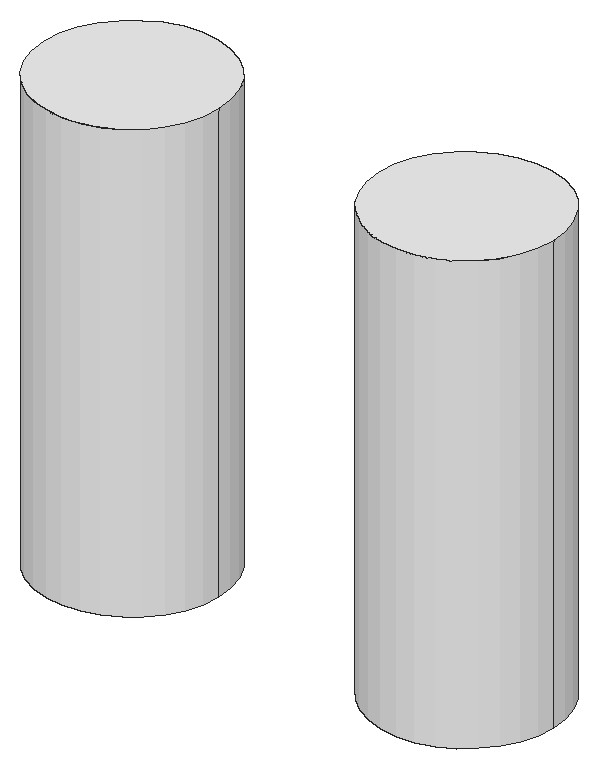
Revit family "514822930037(2020)", category Plumbing Fixtures, Revit 2018
Family settings
  Round Connector Dimension = Use Diameter
  Part Type = Normal
  OmniClass Number = 23.45.55.00
  OmniClass Title = Sanitary Faucets, Wastes
  Work Plane-Based = No
  Always vertical = Yes
  Cut with Voids When Loaded = No
  Shared = No
  Room Calculation Point = No
Parameters (values of type "514822930037 Kitchen faucet ")
  WorkingPressure = "50 - 1000 kPa"
  Working Pressure = "50 - 1000 kPa"
  WarrantyStartDate [instance] = "n/a"
  WarrantyGuarantorParts = "n/a"
  WarrantyGuarantorLabor = "n/a"
  WarrantyDurationUnit = "Year"
  WarrantyDurationParts = "n/a"
  WarrantyDurationLabor = "n/a"
  WarrantyDescription = "http://warranty.hansa.com"
  Warranty Information URL = "http://warranty.hansa.com"
  VersionDate = "01/07/2022"
  Version = "3"  # constant formula
  ValvePattern = "n/a"
  ValveOperation = "n/a"
  ValveMechanism = "n/a"
  Uniclass2015Reference = "Pr_40_20_87_96"
  Uniclass2015Description = "Washbasin manual water supply sets"
  Uniclass2 = "Pr_40_30_96_96"
  URL REACH = "http://static.hansa.com/doc/reach"
  URL Global Mark = "http://static.hansa.com/Globalmark/514822930037"
  URL Declaration of Conformity = "http://static.hansa.com/DoC/514822930037"
  URL = ""
  UNSPSC Class Number = "30181700 Faucets or taps"
  Type Comments = ""
  TestPressure = "n/a"
  Temperature Adjustments = "Limitation option for maximum temperature and flow-rate ;Adjustable hot water stop (included, retrofittable)"
  Temperature = "Temperature limiter;Temperature limiter (retrofittable)"
  Technical DataSheet URL = "http://www.hansa.com/datasheet/514822930037/en"
  TagNumber [instance] = "n/a"
  SustainabilityPerformance = "n/a"
  Surface treatment = "Chrome"
  Spout Type = "Swivel spout;Swivel range limiting option"
  Spout Swivel Range = "120°"
  Spout Projection = "216 mm"
  Spare-Part Information URL = "http://static.hansa.com/sp/514822930037"
  Size = "51x255x168 mm"
  Shape = "Sculptured"
  SerialNumber [instance] = "n/a"
  Sales Package dimensions (LxWxH) = "362 x 278 x 63"
  Revision = "3"  # constant formula
  ReplacementCost = "n/a"
  ProductInformation = "n/a"
  Product URL = "http://static.hansa.com/514822930037"
  Product Image URL = "http://static.hansa.com/image/514822930037"
  Product Family = "HANSAPOLO "
  Product Code = "514822930037"
  OperatingMechanismMaterial = "n/a"
  NominalWidth = 51 mm
  NominalHeight = 168 mm
  NominalDepth = 255 mm
  Name_en = "514822930037 Kitchen faucet"
  Name = "514822930037 Kitchen faucet"
  NBSReference = "45-35-70/371"
  NBSDescription = "Water supply fittings for wash basins and troughs"
  Mounting Holes = "1 hole"
  ModelReference = "514822930037"
  ModelNumber = "n/a"
  Model = "514822930037 Kitchen faucet"
  Mobile Product Information URL = "http://mpi.hansa.com/514822930037"
  Mechanical Parts = "ø 35 mm ceramic cartridge for flow and temperature control"
  Max. Hot Water Supply = 70 °C
  Material = "Brass"
  Market = "International;Australia"
  ManufacturerURL = "http://www.hansa.com"
  ManufacturerName = "HANSA"
  Manufacturer = "HANSA"
  Lever Handle = "Hot/Cold symbols;Single operating lever/handle"
  Interactive AR View URL = "https://static.hansa.com/AR/514822930037"
  InstallationDate [instance] = "n/a"
  Installation and Maintenance Guide URL = "http://static.hansa.com/manual/514822930037"
  Installation Type = "Deck mounted"
  InletConnectionSize = 12 mm
  IfcExportType = "FAUCET"  # constant formula
  IfcExportAs = "IfcValveType"  # constant formula
  Group = "Kitchen faucet"
  Grade = "n/a"
  FlowCoefficient = 0
  Flow Rate At 300kPa With Flow Controller = 0.12 L/s
  Flow Drawing URL = "http://static.hansa.com/flowchart/514822930037"
  Finish = "Polished"
  Features = "Single-lever"
  FaucetMainMaterial = Brass
  FDV Document URL = "http://www.hansa.com/datasheet/514822930037/en/fdv"
  ExpectedLife = "n/a"
  ETIM Class Number = "EC011431 Kitchen mixing tap"
  EN Standard = "EN 817"
  EAN Number = "4057304002878"
  DurationUnit = "Year"
  Dimension Drawing URL = "http://static.hansa.com/dimdrw/514822930037"
  Description = ""
  DefaultElevation [instance] = 900 mm
  Constituents = "n/a"
  Connection Size = "G1/2"
  Connection = "Flexible inlet pipes"
  Color = "Chrome"
  CodePerformance = "n/a"
  CloseOffRating = 0
  Certificate Global Mark = "GM-WM-040199-I02-R00"
  Category = "Kitchen"
  Catalog Drawing URL = "http://static.hansa.com/catdrw/514822930037"
  Brand = "HANSA"
  BodyMaterial = "Brass"
  Barcode [instance] = "n/a"
  Backflow Prevention EN1717 = "AA"
  BIMObjectName = "514822930037(2020)"
  Author = "BIMStone"
  AssetType = "Fixed"
  AssetIdentifier [instance] = "n/a"
  Aerator = "PCA® - constant flow rate regardless of pressure variations"
  Advanced Features = "Rapid installation system"
  AccessibilityPerformance = "n/a"
  3D View = "https://static.hansa.com/3D/514822930037"
  2D/3D/BIM Files URL = "http://static.hansa.com/bim/514822930037"
Reference planes
  plane 1 "Center (Front/Back)": y = 0
  plane 2: z = 0
  plane 3 "Center (Left/Right)": x = 0
  plane 4: x = -25.5
  plane 5: z = 1068
  plane 6: z = 900
  plane 7: z = 870
  plane 8: y = -255
  plane 9: x = 25.5
Forms (mm)
  Extrusion 1, solid, material "Brass" <- "FaucetMainMaterial"
    sketch origin (0, -3, 0) x (1, 0, 0) y (0, 1, 0)
      loop
        circle (-11.5, -22.5) r 6
      loop
        circle (11.5, -22.5) r 6
    from 870 to 900
  Extrusion 2, solid, material "Brass" <- "FaucetMainMaterial", detail levels medium
    sketch origin (0, 0, 0) x (0, 1, 0) y (0, 0, 1)
      loop
        line (0, 900) -> (0, 1058.08) -> (-61.322, 1065.36) -> (-111.697, 1068)
        arc (-111.697, 1068) -> (-112.791, 1067.626) -> (-113.167, 1066.532) r 1.316
        line (-113.167, 1066.532) -> (-112.909, 1064.448)
        arc (-112.909, 1064.448) -> (-111.629, 1061.855) -> (-109.013, 1060.622) r 4.388
        line (-109.013, 1060.622) -> (-51, 1054.525) -> (-51, 993.034)
        arc (-51, 993.034) -> (-52.761, 993.574) -> (-54.465, 994.275) r 19.937
        line (-54.465, 994.275) -> (-135.431, 1032.03)
        arc (-135.431, 1032.03) -> (-162.315, 1042.283) -> (-190.393, 1048.572) r 200
        line (-190.393, 1048.572) -> (-248.818, 1057.304)
        arc (-248.818, 1057.304) -> (-251.086, 1056.882) -> (-252.314, 1054.93) r 2.875
        line (-252.314, 1054.93) -> (-255, 1037.009) -> (-252.234, 1036.594) -> (-252.899, 1032.154) -> (-229.163, 1028.596) -> (-228.347, 1034.037) -> (-193.277, 1028.781)
        arc (-193.277, 1028.781) -> (-168.045, 1023.121) -> (-143.883, 1013.904) r 180
        line (-143.883, 1013.904) -> (-51, 970.592) -> (-51, 900) -> (0, 900)
    from 25.5 to -25.5
  Extrusion 3, solid, material "Brass", detail levels coarse
    sketch origin (0, 0, 0) x (1, 0, 0) y (0, 1, 0)
      loop
        line (-25.5, 0) -> (-25.5, -255) -> (25.5, -255) -> (25.5, 0) -> (-25.5, 0)
    from 900 to 1068
Lines and regions (mm)
  symbolic lines, detail levels medium+fine
    curve 1: line (0, 0, 900) -> (0, -51, 900)
    curve 2: line (0, -51, 900) -> (0, -51, 947.5)
    curve 3: line (0, -50.702, 970.453) -> (0, -143.883, 1013.904)
    curve 4: arc (0, -143.883, 1013.904) -> (0, -168.045, 1023.121) -> (0, -193.277, 1028.781) r 180
    curve 5: line (0, -193.277, 1028.781) -> (0, -225.171, 1033.561)
    curve 6: line (0, -229.163, 1028.596) -> (0, -228.497, 1033.037)
    curve 7: line (0, -252.234, 1036.594) -> (0, -252.899, 1032.154)
    curve 8: line (0, -252.899, 1032.154) -> (0, -229.163, 1028.596)
    curve 10: line (0, -225.321, 1032.561) -> (0, -225.171, 1033.561)
    curve 11: line (0, -252.234, 1036.594) -> (0, -255, 1037.009)
    curve 12: line (0, -255, 1037.009) -> (0, -252.314, 1054.93)
    curve 13: arc (0, -252.314, 1054.93) -> (0, -251.086, 1056.882) -> (0, -248.818, 1057.304) r 2.875
    curve 14: line (0, -248.818, 1057.304) -> (0, -190.393, 1048.572)
    curve 15: arc (0, -190.393, 1048.572) -> (0, -162.315, 1042.283) -> (0, -135.431, 1032.03) r 200
    curve 16: line (0, -135.431, 1032.03) -> (0, -54.465, 994.275)
    curve 17: arc (0, -54.465, 994.275) -> (0, -52.475, 993.474) -> (0, -50.41, 992.892) r 19.937
    curve 18: line (0, -50.007, 1023.96) -> (0, -50.41, 992.892)
    curve 19: line (0, -50.702, 970.453) -> (0, -51, 947.5)
    curve 20: line (0, 0, 900) -> (0, 0, 947.5)
    curve 21: line (0, -0.993, 1023.96) -> (0, 0, 947.5)
    curve 23: line (0, -228.497, 1033.037) -> (0, -225.321, 1032.561)
    curve 24: line (0, -0.993, 1023.96) -> (0, -2.721, 1023.96)
    curve 25: line (0, -49.846, 1026.8) -> (0, -48.006, 1026.8)
    curve 27: line (0, -48.304, 1023.96) -> (0, -48.006, 1026.8)
    curve 28: arc (0, -6.504, 1035.604) -> (0, -3.769, 1030.056) -> (0, -2.721, 1023.96) r 21.584
    curve 29: line (0, -49.846, 1026.8) -> (0, -48.267, 1049.382)
    curve 30: arc (0, -48.267, 1049.382) -> (0, -49.483, 1053.016) -> (0, -52.912, 1054.725) r 5.006
    curve 31: line (0, -52.912, 1054.725) -> (0, -109.013, 1060.622)
    curve 32: arc (0, -109.013, 1060.622) -> (0, -111.629, 1061.855) -> (0, -112.909, 1064.448) r 4.388
    curve 33: line (0, -112.909, 1064.448) -> (0, -113.167, 1066.532)
    curve 34: arc (0, -113.167, 1066.532) -> (0, -112.791, 1067.626) -> (0, -111.697, 1068) r 1.316
    curve 35: line (0, -111.697, 1068) -> (0, -61.322, 1065.36)
    curve 36: line (0, -61.322, 1065.36) -> (0, -4.446, 1058.607)
    curve 37: arc (0, -4.446, 1058.607) -> (0, -3.316, 1057.974) -> (0, -2.965, 1056.728) r 1.691
    curve 38: line (0, -2.965, 1056.728) -> (0, -1.647, 1037.869)
    curve 39: line (0, -6.504, 1035.604) -> (0, -1.647, 1037.869)
    curve 41: line (0, -48.304, 1023.96) -> (0, -50.007, 1023.96)
    curve 43: line (25.5, 0, 900) -> (-25.5, 0, 900)
    curve 44: line (-25.5, 0, 900) -> (-25.5, 0, 947.56)
    curve 45: line (-25.5, 0, 947.56) -> (-24.495, 0, 1023.96)
    curve 46: line (-24.362, 0, 1026.797) -> (-22.506, 0, 1026.797)
    curve 47: line (-24.495, 0, 1023.96) -> (-22.754, 0, 1023.96)
    curve 48: line (-24.362, 0, 1026.797) -> (-21.794, 0, 1058.814)
    curve 49: arc (-21.794, 0, 1058.814) -> (-21.406, 0, 1059.899) -> (-20.524, 0, 1060.641) r 2.211
    curve 50: arc (-20.524, 0, 1060.641) -> (-18.448, 0, 1061.525) -> (-16.319, 0, 1062.269) r 33.994
    curve 51: arc (-16.319, 0, 1062.269) -> (-15.779, 0, 1062.579) -> (-15.419, 0, 1063.089) r 1.442
    curve 52: arc (-15.419, 0, 1063.089) -> (-13.815, 0, 1065.638) -> (-11.468, 0, 1067.527) r 9.139
    curve 53: arc (-11.468, 0, 1067.527) -> (-10.657, 0, 1067.864) -> (-9.789, 0, 1068) r 3.707
    curve 54: line (-9.789, 0, 1068) -> (0, 0, 1068)
    curve 55: line (-22.506, 0, 1026.797) -> (-22.754, 0, 1023.96)
    curve 59: line (25.5, 0, 900) -> (25.5, 0, 947.56)
    curve 60: line (25.5, 0, 947.56) -> (24.495, 0, 1023.96)
    curve 61: line (24.362, 0, 1026.797) -> (22.506, 0, 1026.797)
    curve 62: line (24.495, 0, 1023.96) -> (22.754, 0, 1023.96)
    curve 63: line (24.362, 0, 1026.797) -> (21.794, 0, 1058.814)
    curve 64: arc (21.794, 0, 1058.814) -> (21.406, 0, 1059.899) -> (20.524, 0, 1060.641) r 2.211
    curve 65: arc (20.524, 0, 1060.641) -> (18.448, 0, 1061.525) -> (16.319, 0, 1062.269) r 33.994
    curve 66: arc (16.319, 0, 1062.269) -> (15.779, 0, 1062.579) -> (15.419, 0, 1063.089) r 1.442
    curve 67: arc (15.419, 0, 1063.089) -> (13.815, 0, 1065.638) -> (11.468, 0, 1067.527) r 9.139
    curve 68: arc (11.468, 0, 1067.527) -> (10.657, 0, 1067.864) -> (9.789, 0, 1068) r 3.707
    curve 69: line (9.789, 0, 1068) -> (0, 0, 1068)
    curve 70: line (22.506, 0, 1026.797) -> (22.754, 0, 1023.96)
    curve 83: line (-15, -239.534, 0) -> (-15, -59.645, 0)
    curve 84: line (15, -239.534, 0) -> (15, -59.645, 0)
    curve 85: spline (-15, -239.534, 0) -> (-14.489, -243.537, 0) -> (-12.99, -247.267, 0) -> (-10.607, -250.47, 0) -> (-7.5, -252.928, 0) -> (-3.882, -254.473, 0) -> (0, -255, 0) -> (3.882, -254.473, 0) -> (7.5, -252.928, 0) -> (10.607, -250.47, 0) -> (12.99, -247.267, 0) -> (14.489, -243.537, 0) -> (15, -239.534, 0)
    curve 91: arc (-15.824, -46.935, 0) -> (-15.892, -46.144, 0) -> (-15.994, -45.357, 0) r 18.815
    curve 95: arc (15.832, -46.938, 0) -> (15.9, -46.152, 0) -> (16.001, -45.369, 0) r 18.811
    curve 96: line (-15, -59.645, 0) -> (-15.824, -46.935, 0)
    curve 97: line (15, -59.645, 0) -> (15.832, -46.938, 0)
    curve 98: arc (16.001, -45.369, 0) -> (0.021, -0.018, 0) -> (-15.994, -45.357, 0) r 25.494
  symbolic lines, detail levels fine
    curve 9: line (0, -252.234, 1036.594) -> (0, -228.497, 1033.037)
    curve 22: line (0, 0, 947.5) -> (0, -51, 947.5)
    curve 26: line (0, -25.383, 1026.8) -> (0, -6.504, 1035.604)
    curve 40: line (0, -48.006, 1026.8) -> (0, -25.383, 1026.8)
    curve 42: line (0, -2.721, 1023.96) -> (0, -48.304, 1023.96)
    curve 56: line (-15, 0, 970.474) -> (-15, 0, 1054.085)
    curve 57: line (-22.506, 0, 1026.797) -> (-15, 0, 1026.797)
    curve 58: line (-22.754, 0, 1023.96) -> (-15, 0, 1023.96)
    curve 71: line (22.506, 0, 1026.797) -> (15, 0, 1026.797)
    curve 72: line (22.754, 0, 1023.96) -> (15, 0, 1023.96)
    curve 73: line (-25.5, 0, 947.56) -> (25.5, 0, 947.56)
    curve 74: spline (-15, 0, 1054.085) -> (-14.489, 0, 1054.949) -> (-12.99, 0, 1055.755) -> (-10.607, 0, 1056.447) -> (-7.5, 0, 1056.978) -> (-3.882, 0, 1057.312) -> (0, 0, 1057.426) -> (3.882, 0, 1057.312) -> (7.5, 0, 1056.978) -> (10.607, 0, 1056.447) -> (12.99, 0, 1055.755) -> (14.489, 0, 1054.949) -> (15, 0, 1054.085)
    curve 75: arc (-13.012, 0, 968.978) -> (-14.379, 0, 969.231) -> (-15, 0, 970.474) r 1.557
    curve 76: arc (13.012, 0, 968.978) -> (14.379, 0, 969.231) -> (15, 0, 970.474) r 1.557
    curve 77: arc (-13.012, 0, 968.978) -> (0, 0, 970.816) -> (13.012, 0, 968.978) r 47.003
    curve 78: spline (11.961, 0, 1030.3) -> (11.554, 0, 1029.845) -> (10.359, 0, 1029.421) -> (8.458, 0, 1029.058) -> (5.981, 0, 1028.778) -> (3.096, 0, 1028.603) -> (0, 0, 1028.543) -> (-3.096, 0, 1028.603) -> (-5.981, 0, 1028.778) -> (-8.458, 0, 1029.058) -> (-10.359, 0, 1029.421) -> (-11.554, 0, 1029.845) -> (-11.961, 0, 1030.3) -> (-11.554, 0, 1030.754) -> (-10.359, 0, 1031.178) -> (-8.458, 0, 1031.542) -> (-5.981, 0, 1031.821) -> (-3.096, 0, 1031.997) -> (0, 0, 1032.056) -> (3.096, 0, 1031.997) -> (5.981, 0, 1031.821) -> (8.458, 0, 1031.542) -> (10.359, 0, 1031.178) -> (11.554, 0, 1030.754) -> (11.961, 0, 1030.3)
    curve 79: spline (-11.961, 0, 1034.779) -> (-11.554, 0, 1035.234) -> (-10.359, 0, 1035.658) -> (-8.458, 0, 1036.021) -> (-5.981, 0, 1036.301) -> (-3.096, 0, 1036.476) -> (0, 0, 1036.536) -> (3.096, 0, 1036.476) -> (5.981, 0, 1036.301) -> (8.458, 0, 1036.021) -> (10.359, 0, 1035.658) -> (11.554, 0, 1035.234) -> (11.961, 0, 1034.779)
    curve 80: line (-11.961, 0, 1030.3) -> (-11.961, 0, 1034.779)
    curve 81: line (11.961, 0, 1034.779) -> (11.961, 0, 1030.3)
    curve 82: spline (11.961, 0, 1033.769) -> (14.424, 0, 1034.526) -> (14.937, 0, 1035.369) -> (13.431, 0, 1036.183) -> (10.109, 0, 1036.859) -> (5.421, 0, 1037.304) -> (0, 0, 1037.46) -> (-5.421, 0, 1037.304) -> (-10.109, 0, 1036.859) -> (-13.431, 0, 1036.183) -> (-14.937, 0, 1035.369) -> (-14.424, 0, 1034.526) -> (-11.961, 0, 1033.769)
    curve 86: spline (-15, -239.534, 0) -> (-14.489, -242.782, 0) -> (-12.99, -245.808, 0) -> (-10.607, -248.407, 0) -> (-7.5, -250.401, 0) -> (-3.882, -251.655, 0) -> (0, -252.082, 0) -> (3.882, -251.655, 0) -> (7.5, -250.401, 0) -> (10.607, -248.407, 0) -> (12.99, -245.808, 0) -> (14.489, -242.782, 0) -> (15, -239.534, 0)
    curve 87: arc (19.099, -37.489, 0) -> (0, -2.95, 0) -> (-19.099, -37.489, 0) r 22.55
    curve 88: line (0, -113.165, 0) -> (-6.461, -113.165, 0)
    curve 89: arc (-6.461, -113.165, 0) -> (-10.086, -111.77, 0) -> (-11.84, -108.304, 0) r 5.407
    curve 90: line (-11.84, -108.304, 0) -> (-15, -59.645, 0)
    curve 92: line (0, -113.165, 0) -> (6.461, -113.165, 0)
    curve 93: arc (6.461, -113.165, 0) -> (10.086, -111.77, 0) -> (11.84, -108.304, 0) r 5.407
    curve 94: line (11.84, -108.304, 0) -> (15, -59.645, 0)
    curve 99: arc (-19.099, -37.489, 0) -> (-17.182, -41.279, 0) -> (-15.994, -45.357, 0) r 23.03
    curve 100: arc (19.099, -37.489, 0) -> (17.182, -41.279, 0) -> (15.994, -45.357, 0) r 23.03
    curve 101: line (15, 0, 970.474) -> (15, 0, 1054.085)
    curve 102: line (-15.779, 0, 1062.579) -> (-15.779, 0, 1058.287)
    curve 103: arc (-15.779, 0, 1058.287) -> (-15.347, 0, 1056.539) -> (-14.151, 0, 1055.193) r 3.756
    curve 104: line (15.779, 0, 1062.579) -> (15.779, 0, 1058.287)
    curve 105: arc (15.779, 0, 1058.287) -> (15.347, 0, 1056.539) -> (14.151, 0, 1055.193) r 3.756
Dimensions and locks
  "NominalHeight": plane 5 to plane 6
  "DefaultElevation": plane 6 to level
  locked: plane 6 to plane 7 at 30
  "NominalDepth": plane 8 to plane 1 "Center (Front/Back)"
  equal spacing: plane 4, plane 3 "Center (Left/Right)", plane 9
  "NominalWidth": plane 4 to plane 9
  "InletConnectionSize": diameter of Extrusion 1 sketch curve  (x2)
  aligned and locked: level to plane 2
  aligned and locked: plane 6 to Extrusion 1
  aligned and locked: Extrusion 1 to plane 7
  aligned and locked: plane 5 to Extrusion 3
  aligned and locked: Extrusion 3 to plane 6
  aligned and locked: plane 6 to import instance
Automatic sketch dimensions
  curve 88 to plane 3 "Center (Left/Right)" = 0 mm
  curve 85 to plane 3 "Center (Left/Right)" = 0 mm
  curve 87 to plane 3 "Center (Left/Right)" = 0 mm
  curve 89 to plane 3 "Center (Left/Right)" = 6.461 mm
  curve 90 to curve 89 = 5.379 mm
  plane 4 to curve 90 = 10.5 mm
  plane 4 to curve 96 = 9.676 mm
  curve 91 to plane 4 = 9.1 mm
  curve 99 to curve 91 = 4.004 mm
  plane 3 "Center (Left/Right)" to curve 98 = 0.011 mm
  plane 3 "Center (Left/Right)" to curve 93 = 6.461 mm
  curve 93 to curve 94 = 5.379 mm
  plane 9 to curve 97 = 9.668 mm
  curve 95 to plane 9 = 9.103 mm
  curve 95 to curve 100 = 4 mm
  curve 83 to plane 8 = 15.466 mm
  curve 89 to curve 90 = 4.861 mm
  curve 92 to curve 94 = 4.861 mm
  curve 89 to curve 96 = 48.659 mm
  curve 83 to curve 94 = 0 mm
  curve 83 to curve 99 = 9.911 mm
  curve 84 to curve 100 = 9.911 mm
  curve 100 to curve 95 = 1.574 mm
  curve 99 to curve 91 = 1.58 mm
  curve 84 to curve 97 = 12.706 mm
  plane 1 "Center (Front/Back)" to curve 98 = 25.512 mm
  curve 98 to curve 87 = 0.012 mm
  curve 98 to curve 96 = 0.17 mm
  curve 87 to curve 99 = 0 mm
  curve 100 to curve 95 = 0.007 mm
  plane 9 to curve 100 = 6.401 mm
  curve 87 to curve 100 = 0 mm
  curve 95 to curve 100 = 0.012 mm
  Extrusion 3 sketch curve to plane 4 = 0 mm
  plane 8 to Extrusion 3 sketch curve = 0 mm
  Extrusion 3 sketch curve to plane 9 = 0 mm
  plane 1 "Center (Front/Back)" to Extrusion 3 sketch curve = 0 mm
  curve 11 to plane 8 = 0 mm
  curve 34 to plane 5 = 0 mm
  curve 1 to plane 6 = 0 mm
  curve 20 to plane 1 "Center (Front/Back)" = 0 mm
  curve 8 to plane 8 = 2.101 mm
  curve 12 to plane 8 = 2.686 mm
  curve 7 to plane 8 = 2.766 mm
  curve 13 to curve 13 = 2.844 mm
  curve 13 to curve 14 = 0.652 mm
  curve 7 to curve 8 = 23.737 mm
  curve 6 to curve 23 = 3.177 mm
  curve 10 to curve 10 = 0.15 mm
  curve 4 to plane 8 = 35.045 mm
  curve 4 to curve 15 = 0 mm
  curve 5 to curve 5 = 31.894 mm
  curve 14 to plane 5 = 19.428 mm
  curve 5 to curve 14 = 2.884 mm
  curve 3 to plane 5 = 54.096 mm
  curve 4 to curve 3 = 49.394 mm
  curve 16 to plane 5 = 35.97 mm
  curve 4 to curve 16 = 8.452 mm
  curve 33 to plane 5 = 1.468 mm
  curve 15 to curve 33 = 22.264 mm
  curve 33 to plane 5 = 3.552 mm
  curve 33 to curve 33 = 0.258 mm
  curve 34 to plane 5 = 1.306 mm
  curve 33 to curve 34 = 1.306 mm
  curve 31 to plane 5 = 7.378 mm
  curve 32 to curve 31 = 3.897 mm
  curve 32 to plane 5 = 3.014 mm
  curve 36 to plane 5 = 2.64 mm
  curve 32 to curve 36 = 47.232 mm
  plane 1 "Center (Front/Back)" to curve 16 = 54.465 mm
  curve 35 to curve 30 = 8.061 mm
  curve 31 to plane 5 = 13.275 mm
  curve 30 to curve 31 = 0.349 mm
  curve 17 to curve 22 = 3.465 mm
  curve 2 to curve 19 = 0.298 mm
  curve 16 to curve 18 = 4.054 mm
  curve 30 to curve 41 = 3.254 mm
  curve 18 to curve 25 = 0.161 mm
  curve 18 to curve 42 = 1.703 mm
  curve 29 to plane 5 = 18.618 mm
  curve 30 to curve 29 = 4.994 mm
  curve 25 to curve 25 = 1.841 mm
  curve 27 to curve 17 = 2.265 mm
  curve 25 to curve 26 = 22.622 mm
  curve 26 to curve 28 = 1.086 mm
  plane 1 "Center (Front/Back)" to curve 39 = 6.504 mm
  plane 1 "Center (Front/Back)" to curve 37 = 4.645 mm
  curve 37 to curve 36 = 0.199 mm
  curve 37 to curve 38 = 1.68 mm
  plane 1 "Center (Front/Back)" to curve 24 = 2.721 mm
  plane 1 "Center (Front/Back)" to curve 39 = 1.647 mm
  plane 1 "Center (Front/Back)" to curve 21 = 0.993 mm
  curve 15 to curve 4 = 0 mm
  plane 6 to curve 22 = 47.5 mm
  curve 2 to curve 3 = 22.953 mm
  curve 3 to curve 18 = 22.439 mm
  curve 17 to curve 16 = 1.383 mm
  curve 17 to curve 28 = 11.042 mm
  curve 17 to curve 27 = 11.616 mm
  curve 28 to curve 26 = 3.414 mm
  curve 8 to curve 5 = 0.185 mm
  curve 26 to curve 39 = 2.265 mm
  curve 13 to curve 13 = 0.426 mm
  curve 38 to plane 5 = 11.272 mm
  curve 38 to curve 37 = 0.199 mm
  curve 43 to plane 4 = 0 mm
  curve 54 to plane 5 = 0 mm
  curve 54 to plane 3 "Center (Left/Right)" = 0 mm
  curve 79 to plane 3 "Center (Left/Right)" = 0 mm
  curve 74 to plane 3 "Center (Left/Right)" = 0 mm
  curve 77 to plane 3 "Center (Left/Right)" = 0 mm
  curve 82 to plane 3 "Center (Left/Right)" = 0 mm
  plane 9 to curve 73 = 0 mm
  curve 43 to plane 6 = 0 mm
  plane 4 to curve 45 = 1.005 mm
  plane 4 to curve 46 = 1.138 mm
  curve 45 to curve 47 = 1.74 mm
  curve 46 to curve 57 = 1.856 mm
  plane 4 to curve 48 = 3.706 mm
  curve 49 to curve 49 = 2.203 mm
  curve 49 to curve 51 = 2.841 mm
  curve 49 to curve 102 = 3.812 mm
  plane 4 to curve 56 = 10.5 mm
  curve 56 to curve 75 = 1.557 mm
  curve 102 to curve 103 = 3.756 mm
  curve 57 to curve 80 = 3.039 mm
  curve 102 to curve 54 = 5.99 mm
  curve 53 to curve 53 = 0.137 mm
  curve 103 to curve 52 = 5.034 mm
  curve 80 to curve 50 = 5.785 mm
  curve 65 to curve 78 = 5.785 mm
  plane 3 "Center (Left/Right)" to curve 67 = 6.989 mm
  curve 67 to curve 68 = 2.662 mm
  curve 68 to curve 69 = 0.137 mm
  curve 105 to curve 101 = 2.977 mm
  curve 76 to curve 76 = 1.557 mm
  curve 105 to curve 104 = 3.756 mm
  curve 104 to curve 66 = 0.971 mm
  curve 104 to curve 64 = 3.812 mm
  curve 64 to curve 63 = 2.203 mm
  plane 9 to curve 61 = 2.994 mm
  plane 9 to curve 62 = 2.746 mm
  plane 9 to curve 61 = 1.138 mm
  plane 9 to curve 62 = 1.005 mm
  plane 6 to curve 77 = 23.813 mm
  curve 77 to curve 45 = 23.747 mm
  curve 59 to curve 76 = 22.914 mm
  curve 44 to curve 75 = 22.914 mm
  curve 47 to plane 5 = 44.04 mm
  curve 62 to curve 58 = 0 mm
  curve 47 to curve 57 = 2.837 mm
  curve 62 to curve 71 = 2.837 mm
  curve 71 to curve 65 = 3.026 mm
  curve 57 to curve 50 = 3.026 mm
  curve 65 to curve 81 = 4.956 mm
  curve 101 to plane 5 = 13.915 mm
  curve 101 to curve 105 = 4.203 mm
  curve 74 to curve 103 = 4.203 mm
  curve 102 to curve 49 = 0.35 mm
  curve 104 to curve 64 = 0.35 mm
  curve 64 to curve 63 = 0.177 mm
  curve 49 to curve 48 = 0.177 mm
  curve 105 to curve 67 = 1.274 mm
  curve 103 to curve 52 = 1.274 mm
  curve 66 to plane 5 = 4.355 mm
  curve 51 to plane 5 = 4.355 mm
  curve 53 to plane 5 = 3.705 mm
  curve 68 to plane 5 = 3.705 mm
  curve 50 to curve 49 = 0 mm
  curve 51 to curve 50 = 0 mm
  curve 52 to curve 51 = 0 mm
  curve 74 to curve 103 = 0.849 mm
  curve 77 to curve 75 = 0 mm
  curve 67 to curve 68 = 0 mm
  curve 79 to curve 82 = 3.039 mm
  curve 66 to curve 67 = 0 mm
  curve 65 to curve 66 = 0 mm
  curve 81 to curve 79 = 4.48 mm
  curve 80 to curve 79 = 4.48 mm
  curve 78 to curve 79 = 4.48 mm
  curve 82 to curve 79 = 1.01 mm
  curve 79 to curve 82 = 0.379 mm
  Extrusion 2 sketch curve to plane 8 = 0 mm
  Extrusion 2 sketch curve to plane 5 = 0 mm
  Extrusion 2 sketch curve to plane 6 = 0 mm
  Extrusion 2 sketch curve to plane 1 "Center (Front/Back)" = 0 mm
  Extrusion 2 sketch curve to plane 8 = 2.101 mm
  Extrusion 2 sketch curve to plane 8 = 2.686 mm
  Extrusion 2 sketch curve to plane 8 = 2.766 mm
  Extrusion 2 sketch curve to Extrusion 2 sketch curve = 2.844 mm
  Extrusion 2 sketch curve to Extrusion 2 sketch curve = 0.652 mm
  Extrusion 2 sketch curve to Extrusion 2 sketch curve = 23.737 mm
  Extrusion 2 sketch curve to Extrusion 2 sketch curve = 0.815 mm
  Extrusion 2 sketch curve to plane 8 = 35.045 mm
  Extrusion 2 sketch curve to Extrusion 2 sketch curve = 0 mm  (x2)
  Extrusion 2 sketch curve to Extrusion 2 sketch curve = 35.07 mm
  Extrusion 2 sketch curve to plane 5 = 19.428 mm
  Extrusion 2 sketch curve to Extrusion 2 sketch curve = 2.884 mm
  Extrusion 2 sketch curve to plane 5 = 54.096 mm
  Extrusion 2 sketch curve to Extrusion 2 sketch curve = 49.394 mm
  Extrusion 2 sketch curve to plane 5 = 35.97 mm
  Extrusion 2 sketch curve to Extrusion 2 sketch curve = 8.452 mm
  Extrusion 2 sketch curve to plane 5 = 1.468 mm
  Extrusion 2 sketch curve to Extrusion 2 sketch curve = 22.264 mm
  Extrusion 2 sketch curve to plane 5 = 3.552 mm
  Extrusion 2 sketch curve to Extrusion 2 sketch curve = 0.258 mm
  Extrusion 2 sketch curve to Extrusion 2 sketch curve = 1.306 mm
  Extrusion 2 sketch curve to Extrusion 2 sketch curve = 0.164 mm
  Extrusion 2 sketch curve to plane 5 = 7.378 mm
  Extrusion 2 sketch curve to Extrusion 2 sketch curve = 3.897 mm
  Extrusion 2 sketch curve to plane 5 = 3.014 mm
  Extrusion 2 sketch curve to plane 5 = 2.64 mm
  Extrusion 2 sketch curve to Extrusion 2 sketch curve = 47.232 mm
  plane 1 "Center (Front/Back)" to Extrusion 2 sketch curve = 54.465 mm
  plane 1 "Center (Front/Back)" to Extrusion 2 sketch curve = 51 mm
  Extrusion 2 sketch curve to Extrusion 2 sketch curve = 10.322 mm
  Extrusion 2 sketch curve to Extrusion 2 sketch curve = 8.426 mm
  Extrusion 2 sketch curve to Extrusion 2 sketch curve = 70.592 mm
  Extrusion 2 sketch curve to Extrusion 2 sketch curve = 22.442 mm
  Extrusion 2 sketch curve to Extrusion 2 sketch curve = 1.241 mm
  Extrusion 2 sketch curve to Extrusion 2 sketch curve = 0.185 mm
  Extrusion 2 sketch curve to Extrusion 2 sketch curve = 0.426 mm
  Extrusion 2 sketch curve to plane 5 = 13.475 mm
  Extrusion 2 sketch curve to plane 5 = 9.92 mm
  Extrusion 1 sketch curve to plane 3 "Center (Left/Right)" = 11.5 mm
  plane 3 "Center (Left/Right)" to Extrusion 1 sketch curve = 11.5 mm
  plane 1 "Center (Front/Back)" to Extrusion 1 sketch curve = 25.5 mm  (x2)
Nested families
  nested 1: "Symbol" at (0, 0, 0), type "Symbol", detail levels coarse
Connectors
  piping at (-11.5, -25.5, 870), diameter 12, driven by "InletConnectionSize"
    settings: on Extrusion 1, index 1, connector inside diameter 609.6 mm, connector length 0 mm, flow factor 0, pipe flow 0.2 L/s, pressure drop 0.0 Pa, fitting loss kfactor 0, connector angle 0.00°, fixture units 0, engagement length 0 mm, angle of deflection 0.00°, flow configuration 1, flow direction 1, fitting loss method 0, system type 19, joint type 0, gender type 0, connector reference index -1, connector utility 0, adjustable connector no, is connector primary yes, connector description ""
  piping at (11.5, -25.5, 870), diameter 12, driven by "InletConnectionSize"
    settings: on Extrusion 1, index 2, connector inside diameter 609.6 mm, connector length 0 mm, flow factor 0, pipe flow 0.2 L/s, pressure drop 0.0 Pa, fitting loss kfactor 0, connector angle 0.00°, fixture units 0, engagement length 0 mm, angle of deflection 0.00°, flow configuration 1, flow direction 1, fitting loss method 0, system type 20, joint type 0, gender type 0, connector reference index -1, connector utility 0, adjustable connector no, is connector primary no, connector description ""
Definition of nested family "Symbol"
  Reference planes
    plane 1: y = 0
    plane 2: x = 0
  Lines and regions (mm)
    detail lines
      curve 1: line (0, 0, 0) -> (0, -1.8, 0)
      curve 2: line (-0.4, -1.1, 0) -> (0.4, -1.1, 0)
      curve 3: line (-0.4, -1.4, 0) -> (0.4, -1.4, 0)
      curve 4: line (0.863, 0, 0) -> (-0.863, 0, 0)
      curve 5: circle (-1.163, 0, 0) r 0.3 normal (0, 0, -1)
      curve 6: circle (1.163, 0, 0) r 0.3 normal (0, 0, 1)
